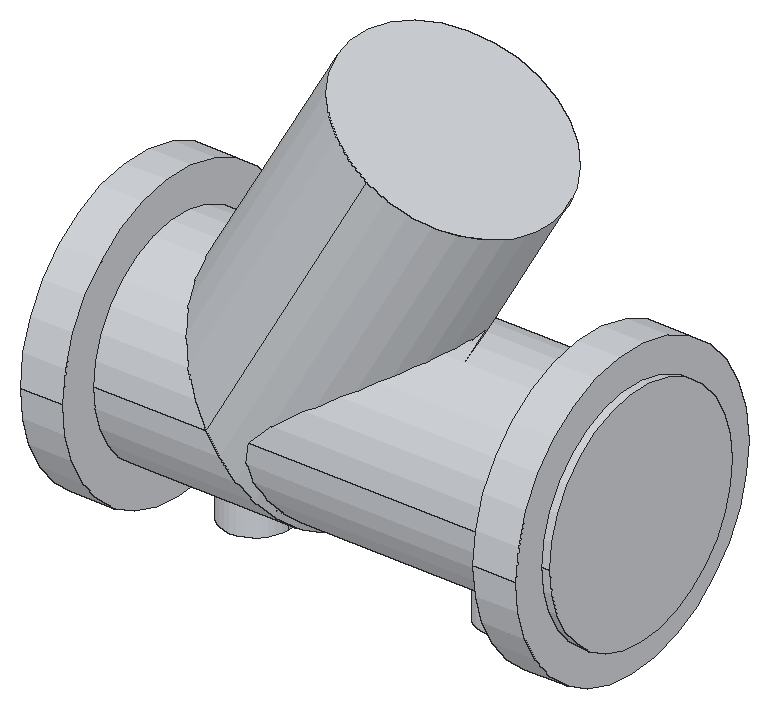
Revit family "HS 821-síto_jemné-PN16-DN200-RFA_2019", category Pipe Accessories, Revit 2019
Family settings
  Round Connector Dimension = Use Diameter
  Part Type = Breaks Into
  Work Plane-Based = No
  Always vertical = Yes
  Cut with Voids When Loaded = No
  Shared = No
Parameters (values of type "821A-DN200-PN16-síto_jemné")
  magiProductId = "8e5693371ab64aabb29a7f08c76e15"
  magiProductFamilyId = "79214ac3aaa945e397802f559f5c1e"
  magiPartTypeId = 307
  isMeasuringValve [instance] = no
  ang2D [instance] = 0.00°
  ZB__ve = -ZB  # -53 mm
  ZB1 = 107.73 mm
  ZB = 53 mm
  X2 = 188.361 mm
  X1 = 84 mm
  W2D = 15 mm
  VersionID = "2.0/2017.9.26.1/ZETKAMA_821_001"
  Use Minimum Symbol Size [instance] = yes
  URL = "www.hydronix.cz"
  Type Comments = "Filtr přírubový; síto jemné; A-PN16 (-10~300°C); D-PN25 (-10~350°C); F-PN40 (-10~400°C)"
  S = 266 mm
  QmdConnectorList = "301;D;302;D"
  Productdata [instance] = ""
  Manufacturer = "Hydronix"
  MC Product Code = "210 193 (821A; DN200; PN16; kvs706,7; oko síta 0,63mm)"
  LM1 = 48 mm
  LM = 480 mm
  L4 = 150 mm
  L2D_Min = 3048 mm
  L2D = 130 mm
  L2 = 300 mm
  HH2 = 326.25 mm
  FD = 340 mm
  Description = "Filtr přírubový; síto jemné; 821A-PN16; 821D-PN25; 821F-PN40"
  DM1 = 252 mm
  DM = 239.4 mm
  D = 200 mm
  CC = 10.2 mm
  CAT0 = yes
  C1 = 49.8 mm
  C = 60 mm
  BD = 75.411 mm
Types (40, lengths in mm): name | magiProductId | ZB__ve | ZB1 | ZB | X2 | X1 | S | MC Product Code | LM1 | LM | L4 | L2 | HH2 | FD | DM1 | DM | D | CC | C1 | C | BD
  821A-DN015-PN16-síto_jemné | "a71bcfe8b393460598b23e8ddf7dc5" | -16.25 | 18.63 | 16.25 | 46.982 | 18.2 | 46 | "210 115 (821A; DN015; PN16; kvs6,2; oko síta 0,63mm)" | 10.4 | 104 | 32.5 | 65 | 81.375 | 95 | 27.6 | 41.4 | 15 | 2.21 | 10.79 | 13 | 13.041
  821A-DN020-PN16-síto_jemné | "41cd6c7a12924f4991217528336076" | -17.75 | 22.68 | 17.75 | 51.673 | 21 | 56 | "210 120 (821A; DN020; PN16; kvs9,6; oko síta 0,63mm)" | 12 | 120 | 37.5 | 75 | 89.5 | 105 | 33.6 | 50.4 | 20 | 2.55 | 12.45 | 15 | 15.876
  821A-DN025-PN16-síto_jemné | "be378b463ed14c3abf4c9b3ae8cf3a" | -19.25 | 26.325 | 19.25 | 58.601 | 22.4 | 65 | "210 125 (821A; DN025; PN16; kvs14,2; oko síta 0,63mm)" | 12.8 | 128 | 40 | 80 | 101.5 | 115 | 43.2 | 58.5 | 25 | 2.72 | 13.28 | 16 | 18.427
  821A-DN032-PN16-síto_jemné | "227a0d18b21540afabe8b6067d35fa" | -23 | 30.78 | 23 | 68.849 | 25.2 | 76 | "210 132 (821A; DN032; PN16; kvs23,1; oko síta 0,63mm)" | 14.4 | 144 | 45 | 90 | 119.25 | 140 | 50.4 | 68.4 | 32 | 3.06 | 14.94 | 18 | 21.546
  821A-DN040-PN16-síto_jemné | "d106917c74724141a10440112d0102" | -24.5 | 34.02 | 24.5 | 75.777 | 28 | 84 | "210 140 (821A; DN040; PN16; kvs36,6; oko síta 0,63mm)" | 16 | 160 | 50 | 100 | 131.25 | 150 | 60 | 75.6 | 40 | 3.4 | 16.6 | 20 | 23.814
  821A-DN050-PN16-síto_jemné | "8255d456a09e4f6486734f5dd9171b" | -26.75 | 40.095 | 26.75 | 79.061 | 32.2 | 99 | "210 150 (821A; DN050 PN16; kvs53,7; oko síta 0,63mm)" | 18.4 | 184 | 57.5 | 115 | 136.938 | 165 | 73.8 | 89.1 | 50 | 3.91 | 19.09 | 23 | 28.066
  821A-DN065-PN16-síto_jemné | "235b1b3e4c0843779a4d5e3716d40a" | -29.75 | 47.79 | 29.75 | 86.927 | 40.6 | 118 | "210 165 (821A; DN065; PN16; kvs95,1; oko síta 0,63mm)" | 23.2 | 232 | 72.5 | 145 | 150.562 | 185 | 94.2 | 106.2 | 65 | 4.93 | 24.07 | 29 | 33.453
  821A-DN080-PN16-síto_jemné | "a067f7c5236348ed8c820d16df7214" | -32 | 53.46 | 32 | 104.753 | 43.4 | 132 | "210 180 (821A; DN080; PN16; kvs137,1; oko síta 0,63mm)" | 24.8 | 248 | 77.5 | 155 | 181.438 | 200 | 107.4 | 118.8 | 80 | 5.27 | 25.73 | 31 | 37.422
  821A-DN100-PN16-síto_jemné | "c49a648c2747461285837d643703cd" | -35 | 63.18 | 35 | 114.857 | 49 | 156 | "210 190 (821A; DN100; PN16; kvs206,4; oko síta 0,63mm)" | 28 | 280 | 87.5 | 175 | 198.937 | 220 | 131.4 | 140.4 | 100 | 5.95 | 29.05 | 35 | 44.226
  821A-DN125-PN16-síto_jemné | "bf68e728a163493cbd2a663b26ebdc" | -39.5 | 74.52 | 39.5 | 131.888 | 56 | 184 | "210 191 (821A; DN125; PN16; kvs268,8; oko síta 0,63mm)" | 32 | 320 | 100 | 200 | 228.438 | 250 | 165 | 165.6 | 125 | 6.8 | 33.2 | 40 | 52.164
  821A-DN150-PN16-síto_jemné | "2de770284b654863ae6bc865769dc5" | -44.75 | 85.455 | 44.75 | 155.885 | 67.2 | 211 | "210 192 (821A; DN150; PN16; kvs401,4; oko síta 0,63mm)" | 38.4 | 384 | 120 | 240 | 270 | 285 | 192 | 189.9 | 150 | 8.16 | 39.84 | 48 | 59.818
  821A-DN200-PN16-síto_jemné | "8e5693371ab64aabb29a7f08c76e15" | -53 | 107.73 | 53 | 188.361 | 84 | 266 | "210 193 (821A; DN200; PN16; kvs706,7; oko síta 0,63mm)" | 48 | 480 | 150 | 300 | 326.25 | 340 | 252 | 239.4 | 200 | 10.2 | 49.8 | 60 | 75.411
  821A-DN250-PN16-síto_jemné | "05e37ed948c34047acdd4c42556504" | -62.75 | 129.195 | 62.75 | 255.911 | 102.2 | 319 | "210 194 (821A; DN250; PN16; kvs1229,4; oko síta 0,63mm)" | 58.4 | 584 | 182.5 | 365 | 443.25 | 405 | 309.6 | 287.1 | 250 | 12.41 | 60.59 | 73 | 90.436
  821A-DN300-PN16-síto_jemné | "9ad0af747269428da925480d83ce80" | -71 | 149.85 | 71 | 325.914 | 119 | 370 | "210 195 (821A; DN300; PN16; kvs1902,4; oko síta 0,63mm)" | 68 | 680 | 212.5 | 425 | 564.5 | 460 | 369.6 | 333 | 300 | 14.45 | 70.55 | 85 | 104.895
  821A-DN350-PN16-síto_jemné | "eebc71459bb3451bb4355e7951370a" | -80 | 173.745 | 80 | 356.875 | 137.2 | 429 | "200 196 (821A; DN350; PN16; kvs2611,0; oko síta 0,63mm)" | 78.4 | 784 | 245 | 490 | 618.125 | 520 | 438 | 386.1 | 350 | 16.66 | 81.34 | 98 | 121.621
  821A-DN400-PN16-síto_jemné | "d2f677cb196647e385b2590e7d8abe" | -89 | 194.4 | 89 | 392.237 | 154 | 480 | "210 197 (821A; DN400; PN16; kvs3438,4; oko síta 0,63mm)" | 88 | 880 | 275 | 550 | 679.375 | 580 | 498 | 432 | 400 | 18.7 | 91.3 | 110 | 136.08
  821D-DN015-PN25-síto_jemné | "27ddcbf555414f8ca1fde329bf9087" | -16.25 | 18.63 | 16.25 | 46.982 | 18.2 | 46 | "210 215 (821D; DN015; PN25; kvs6,2; oko síta 0,63mm)" | 10.4 | 104 | 32.5 | 65 | 81.375 | 95 | 27.6 | 41.4 | 15 | 2.21 | 10.79 | 13 | 13.041
  821D-DN020-PN25-síto_jemné | "270e0f14012f47189cd0235c18faee" | -17.75 | 22.68 | 17.75 | 51.673 | 21 | 56 | "210 220 (821D; DN020; PN25; kvs9,6; oko síta 0,63mm)" | 12 | 120 | 37.5 | 75 | 89.5 | 105 | 33.6 | 50.4 | 20 | 2.55 | 12.45 | 15 | 15.876
  821D-DN025-PN25-síto_jemné | "b9a7fb4aa36643878c637d8e1ab992" | -19.25 | 26.325 | 19.25 | 58.601 | 22.4 | 65 | "210 225 (821D; DN025; PN25; kvs14,2; oko síta 0,63mm)" | 12.8 | 128 | 40 | 80 | 101.5 | 115 | 43.2 | 58.5 | 25 | 2.72 | 13.28 | 16 | 18.427
  821D-DN032-PN25-síto_jemné | "6be9a55c4e68400f94eec7e804204c" | -23 | 30.78 | 23 | 68.849 | 25.2 | 76 | "210 232 (821D; DN032; PN25; kvs23,1; oko síta 0,63mm)" | 14.4 | 144 | 45 | 90 | 119.25 | 140 | 50.4 | 68.4 | 32 | 3.06 | 14.94 | 18 | 21.546
  821D-DN040-PN25-síto_jemné | "c54511bd7f584ec2984291479612cb" | -24.5 | 34.02 | 24.5 | 75.777 | 28 | 84 | "210 240 (821D; DN040; PN25; kvs36,6; oko síta 0,63mm)" | 16 | 160 | 50 | 100 | 131.25 | 150 | 60 | 75.6 | 40 | 3.4 | 16.6 | 20 | 23.814
  821D-DN050-PN25-síto_jemné | "5483b1f596b04cd39b23a14a22c90e" | -26.75 | 40.095 | 26.75 | 79.061 | 32.2 | 99 | "210 250 (821D; DN050; PN25; kvs53,7; oko síta 0,63mm)" | 18.4 | 184 | 57.5 | 115 | 136.938 | 165 | 73.8 | 89.1 | 50 | 3.91 | 19.09 | 23 | 28.066
  821D-DN065-PN25-síto_jemné | "767b0f8318e94750bc7a9930ed5b30" | -29.75 | 47.79 | 29.75 | 86.927 | 40.6 | 118 | "210 265 (821D; DN065; PN25; kvs95,1; oko síta 0,63mm)" | 23.2 | 232 | 72.5 | 145 | 150.562 | 185 | 94.2 | 106.2 | 65 | 4.93 | 24.07 | 29 | 33.453
  821D-DN080-PN25-síto_jemné | "e21040fa3cc2404b858198f6b73709" | -32 | 53.46 | 32 | 104.753 | 43.4 | 132 | "210 280 (821D; DN080; PN25; kvs137,1; oko síta 0,63mm)" | 24.8 | 248 | 77.5 | 155 | 181.438 | 200 | 107.4 | 118.8 | 80 | 5.27 | 25.73 | 31 | 37.422
  821D-DN100-PN25-síto_jemné | "175ca87a506b40b3bc6b82f12f33cf" | -37.25 | 63.18 | 37.25 | 114.857 | 49 | 156 | "210 290 (821D; DN100; PN25; kvs206,4; oko síta 0,63mm)" | 28 | 280 | 87.5 | 175 | 198.937 | 235 | 131.4 | 140.4 | 100 | 5.95 | 29.05 | 35 | 44.226
  821D-DN125-PN25-síto_jemné | "77cc98d60da24855999a22dff726b2" | -42.5 | 74.52 | 42.5 | 131.888 | 56 | 184 | "210 291 (821D; DN125; PN25; kvs268,8; oko síta 0,63mm)" | 32 | 320 | 100 | 200 | 228.438 | 270 | 165 | 165.6 | 125 | 6.8 | 33.2 | 40 | 52.164
  821D-DN150-PN25-síto_jemné | "9cf8acfcd15547d68e83172d3abcbe" | -47 | 85.455 | 47 | 155.885 | 67.2 | 211 | "210 292 (821D; DN150; PN25; kvs401,4; oko síta 0,63mm)" | 38.4 | 384 | 120 | 240 | 270 | 300 | 192 | 189.9 | 150 | 8.16 | 39.84 | 48 | 59.818
  821D-DN200-PN25-síto_jemné | "16973f3c9ea14389ba8602495a6b64" | -56 | 110.97 | 56 | 188.361 | 84 | 274 | "210 293 (821D; DN200; PN25; kvs706,7; oko síta 0,63mm)" | 48 | 480 | 150 | 300 | 326.25 | 360 | 252 | 246.6 | 200 | 10.2 | 49.8 | 60 | 77.679
  821F-DN015-PN40-síto_jemné | "4c7eaf3c4c0340888b3e684d8a8616" | -16.25 | 18.225 | 16.25 | 46.982 | 18.2 | 45 | "250 615 (821F; DN015; PN40; kvs6,2; oko síta 0,63mm)" | 10.4 | 104 | 32.5 | 65 | 81.375 | 95 | 27.6 | 40.5 | 15 | 2.21 | 10.79 | 13 | 12.757
  821F-DN020-PN40-síto_jemné | "aaac5f1ec96b44d6ba96ac2293d66d" | -17.75 | 23.49 | 17.75 | 51.673 | 21 | 58 | "250 620 (821F; DN020; PN40; kvs9,6; oko síta 0,63mm)" | 12 | 120 | 37.5 | 75 | 89.5 | 105 | 33.6 | 52.2 | 20 | 2.55 | 12.45 | 15 | 16.443
  821F-DN025-PN40-síto_jemné | "504768023968471481789485b54c7e" | -19.25 | 27.54 | 19.25 | 58.601 | 22.4 | 68 | "250 625 (821F; DN025; PN40; kvs14,2; oko síta 0,63mm)" | 12.8 | 128 | 40 | 80 | 101.5 | 115 | 43.2 | 61.2 | 25 | 2.72 | 13.28 | 16 | 19.278
  821F-DN032-PN40-síto_jemné | "165e7f39cf744f329bdf1c400dad12" | -23 | 31.59 | 23 | 68.849 | 25.2 | 78 | "250 632 (821F; DN032; PN40; kvs23,1; oko síta 0,63mm)" | 14.4 | 144 | 45 | 90 | 119.25 | 140 | 50.4 | 70.2 | 32 | 3.06 | 14.94 | 18 | 22.113
  821F-DN040-PN40-síto_jemné | "b8903f952089408fbf3a5a632bab1f" | -24.5 | 35.64 | 24.5 | 75.777 | 28 | 88 | "250 640 (821F; DN040; PN40; kvs36,6; oko síta 0,63mm)" | 16 | 160 | 50 | 100 | 131.25 | 150 | 60 | 79.2 | 40 | 3.4 | 16.6 | 20 | 24.948
  821F-DN050-PN40-síto_jemné | "c451f97266fe48da8f879cb6a2bd44" | -26.75 | 41.31 | 26.75 | 79.061 | 32.2 | 102 | "250 650 (821F; DN050; PN40; kvs53,7; oko síta 0,63mm)" | 18.4 | 184 | 57.5 | 115 | 136.938 | 165 | 73.8 | 91.8 | 50 | 3.91 | 19.09 | 23 | 28.917
  821F-DN065-PN40-síto_jemné | "dc9821e3f9b34e128f6a8c6b34c198" | -29.75 | 49.41 | 29.75 | 86.927 | 40.6 | 122 | "250 665 (821F; DN065; PN40; kvs95,1; oko síta 0,63mm)" | 23.2 | 232 | 72.5 | 145 | 150.562 | 185 | 94.2 | 109.8 | 65 | 4.93 | 24.07 | 29 | 34.587
  821F-DN080-PN40-síto_jemné | "689aa1e260f84cf4994f027a1d86b5" | -32 | 55.89 | 32 | 104.753 | 43.4 | 138 | "250 680 (821F; DN080; PN40; kvs137,1; oko síta 0,63mm)" | 24.8 | 248 | 77.5 | 155 | 181.438 | 200 | 107.4 | 124.2 | 80 | 5.27 | 25.73 | 31 | 39.123
  821F-DN100-PN40-síto_jemné | "8a45d4e8e2ab425f8c432f21d684f3" | -37.25 | 65.61 | 37.25 | 114.857 | 49 | 162 | "250 690 (821F; DN100; PN40; kvs206,4; oko síta 0,63mm)" | 28 | 280 | 87.5 | 175 | 198.937 | 235 | 131.4 | 145.8 | 100 | 5.95 | 29.05 | 35 | 45.927
  821F-DN125-PN40-síto_jemné | "cf073904c006406b8645afa67ea2fc" | -42.5 | 76.14 | 42.5 | 131.888 | 56 | 188 | "250 691 (821F; DN125; PN40; kvs268,8; oko síta 0,63mm)" | 32 | 320 | 100 | 200 | 228.438 | 270 | 165 | 169.2 | 125 | 6.8 | 33.2 | 40 | 53.298
  821F-DN150-PN40-síto_jemné | "0153b9ddabe14992a630484929fdbc" | -47 | 88.29 | 47 | 155.885 | 67.2 | 218 | "250 692 (821F; DN150; PN40; kvs401,4; oko síta 0,63mm)" | 38.4 | 384 | 120 | 240 | 270 | 300 | 192 | 196.2 | 150 | 8.16 | 39.84 | 48 | 61.803
  821F-DN200-PN40-síto_jemné | "7fb3fc01dd8d42428c203e3f8dd4d5" | -56 | 115.425 | 56 | 188.361 | 84 | 285 | "250 693 (821F; DN200; PN40; kvs706,7; oko síta 0,63mm)" | 48 | 480 | 150 | 300 | 326.25 | 360 | 252 | 256.5 | 200 | 10.2 | 49.8 | 60 | 80.797
Reference planes
  plane 1 "Center (Front/Back)": y = 0
  plane 2 "XYPLANE": z = 0
  plane 3 "Center (Left/Right)": x = 0
  plane 4 "109": x = -192
  plane 5 "108": x = 240
  plane 6 "107": x = -240
  plane 7 "105": x = 300
  plane 8 "104": x = -300
  plane 9 "103": y = 0
  plane 10 "102": z = 0
  plane 11 "101": x = -289.8
  plane 12 "100": x = 289.8
  plane 13 "11": x = -108
  plane 14 "10": z = 326.25
  plane 15 "9": x = 80.361
  plane 16 "5": z = -107.73
  plane 17 "4": x = -150
  plane 18 "1": x = 150
Forms (mm)
  Extrusion 1, solid, visible <- "CAT0"
    sketch origin (-240, -750, 0) x (0, 1, 0) y (0, 0, 1)
      loop
        circle (750, 0) r 119.7
    from 0 to 480 <- "LM"
  Extrusion 2, solid
    sketch origin (-300, -750, 0) x (0, 1, 0) y (0, 0, 1)
      loop
        circle (750, 0) r 133
    from 0 to 10.2 <- "CC"
  Extrusion 3, solid
    sketch origin (-289.8, -750, 0) x (0, 1, 0) y (0, 0, 1)
      loop
        circle (750, 0) r 170
    from 0 to 49.8 <- "C1"
  Extrusion 4, solid
    sketch origin (240, -750, 0) x (0, 1, 0) y (0, 0, 1)
      loop
        circle (750, 0) r 170
    from 0 to 49.8 <- "C1"
  Extrusion 5, solid
    sketch origin (289.8, -750, 0) x (0, 1, 0) y (0, 0, 1)
      loop
        circle (750, 0) r 133
    from 0 to 10.2 <- "CC"
  Sweep 6, solid, visible <- "CAT0"
    path origin (750, 0, 0) x (-1, 0, 0) y (0, 0, 1)
      loop
        line (990, 0) -> (858, 0) -> (669.639, 326.25)
    profile origin (-240, 0, 0) x (0, 0, -1) y (0, 1, 0)
      loop
        circle (0, 0) r 126
  Extrusion 7, solid, visible <- "CAT0"
    sketch origin (-750, 0, -107.73) x (1, 0, 0) y (0, 1, 0)
      loop
        circle (600, 0) r 37.705
    from 0 to -53 <- "ZB__ve"
  Extrusion 8, solid, visible <- "CAT0"
    sketch origin (-750, 0, -107.73) x (1, 0, 0) y (0, 1, 0)
      loop
        circle (900, 0) r 37.705
    from 0 to -53 <- "ZB__ve"
  Extrusion 9, solid, not visible
    sketch origin (300, -750, 0) x (0, 1, 0) y (0, 0, 1)
      loop
        circle (750, 0) r 10
    from 0 to -10
  Extrusion 10, solid, not visible
    sketch origin (-300, -750, 0) x (0, 1, 0) y (0, 0, 1)
      loop
        circle (750, 0) r 10
    from 0 to 10
Lines and regions (mm)
  reference lines, not visible
    curve 1: circle (2, 2, 0) r 1 normal (0, 0, 1)
Dimensions and locks
  plane 1 "Center (Front/Back)" to curve 1 = 2 mm
  "LM1": plane 6 "107" to plane 4 "109"
  "LM": plane 6 "107" to plane 5 "108"
  "C": plane 8 "104" to plane 6 "107"
  "L2": plane 3 "Center (Left/Right)" to plane 7 "105"
  "L2": plane 3 "Center (Left/Right)" to plane 8 "104"
  locked: plane 1 "Center (Front/Back)" to plane 9 "103"
  locked: plane 2 "XYPLANE" to plane 10 "102"
  "CC": plane 8 "104" to plane 11 "101"
  "C1": plane 5 "108" to plane 12 "100"
  "X1": plane 4 "109" to plane 13 "11"
  "HH2": plane 2 "XYPLANE" to plane 14 "10"
  "X2": plane 13 "11" to plane 15 "9"
  "ZB1": plane 2 "XYPLANE" to plane 16 "5"
  "L4": plane 8 "104" to plane 17 "4"
  "L2": plane 17 "4" to plane 18 "1"
  Sweep 6 sketch curve to Sweep 6 sketch curve = 0 mm  (x2)
  "DM": diameter of Extrusion 1 sketch curve
  "S": diameter of Extrusion 2 sketch curve
  "FD": diameter of Extrusion 3 sketch curve
  "FD": diameter of Extrusion 4 sketch curve
  "S": diameter of Extrusion 5 sketch curve
  "DM1": diameter of Sweep 6 sketch curve
  "BD": diameter of Extrusion 7 sketch curve
  "BD": diameter of Extrusion 8 sketch curve
  aligned and locked: level to plane 2 "XYPLANE"
  aligned and locked: Extrusion 1 sketch curve to plane 9 "103"
  aligned and locked: plane 10 "102" to Extrusion 1 sketch curve
  aligned and locked: Extrusion 2 sketch curve to plane 9 "103"
  aligned and locked: plane 10 "102" to Extrusion 2 sketch curve
  aligned and locked: Extrusion 3 sketch curve to plane 9 "103"
  aligned and locked: plane 10 "102" to Extrusion 3 sketch curve
  aligned and locked: Extrusion 4 sketch curve to plane 9 "103"
  aligned and locked: plane 10 "102" to Extrusion 4 sketch curve
  aligned and locked: Extrusion 5 sketch curve to plane 9 "103"
  aligned and locked: plane 10 "102" to Extrusion 5 sketch curve
  aligned and locked: Sweep 6 sketch curve to plane 9 "103"
  aligned and locked: plane 10 "102" to Sweep 6 sketch curve  (x3)
  aligned and locked: plane 6 "107" to Sweep 6 sketch curve
  aligned and locked: plane 13 "11" to Sweep 6 sketch curve
  aligned and locked: plane 14 "10" to Sweep 6 sketch curve
  aligned and locked: plane 15 "9" to Sweep 6 sketch curve
  aligned and locked: plane 9 "103" to Extrusion 7 sketch curve
  aligned and locked: plane 17 "4" to Extrusion 7 sketch curve
  aligned and locked: plane 9 "103" to Extrusion 8 sketch curve
  aligned and locked: plane 18 "1" to Extrusion 8 sketch curve
  aligned and locked: Extrusion 9 sketch curve to plane 9 "103"
  aligned and locked: plane 10 "102" to Extrusion 9 sketch curve
  aligned and locked: Extrusion 10 sketch curve to plane 9 "103"
  aligned and locked: plane 10 "102" to Extrusion 10 sketch curve
Automatic sketch dimensions
  plane 1 "Center (Front/Back)" to Extrusion 9 sketch curve = 10 mm
  plane 1 "Center (Front/Back)" to Extrusion 10 sketch curve = 10 mm
  plane 3 "Center (Left/Right)" to curve 1 = 2 mm
  radius of curve 1 = 1 mm
Connectors
  piping at (-300, 0, 0), diameter 200, driven by "D"
    settings: on Extrusion 10, index 1, connector inside diameter 609.6 mm, connector length 0 mm, flow factor 0, pipe flow 0.0 L/s, pressure drop 0.0 Pa, fitting loss kfactor 0, connector angle 0.00°, fixture units 0, engagement length 0 mm, angle of deflection 0.00°, flow configuration 0, flow direction 0, fitting loss method 0, system type 29, joint type 0, gender type 0, connector reference index 2, connector utility 0, adjustable connector no, is connector primary yes, connector description ""
  piping at (300, 0, 0), diameter 200, driven by "D"
    settings: on Extrusion 9, index 2, connector inside diameter 609.6 mm, connector length 0 mm, flow factor 0, pipe flow 0.0 L/s, pressure drop 0.0 Pa, fitting loss kfactor 0, connector angle 0.00°, fixture units 0, engagement length 0 mm, angle of deflection 0.00°, flow configuration 0, flow direction 0, fitting loss method 0, system type 29, joint type 0, gender type 0, connector reference index 1, connector utility 0, adjustable connector no, is connector primary no, connector description ""
